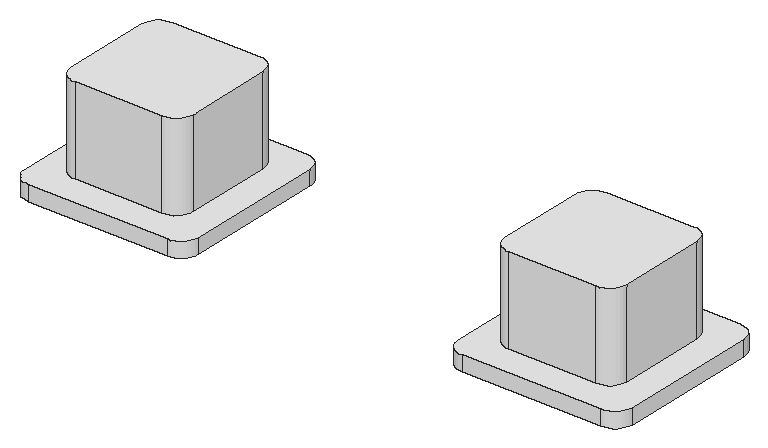
Revit family "6228.04-EPIC BLOC 3 PC WALL TOP ASSEMBLY", category Plumbing Fixtures, host Face, Revit 2015
Parameters (values of type "Chrome")
  Waste Connection = no
  WELSRating_ANZRS = "0"
  Vent Connection = no
  URL = "https://www.dorf.com.au/"
  Type Comments = "EPIC BLOC 3 PC WALL TOP ASSEMBLY"
  Model = "6228.04"
  Material_Handle = GWA_Metal-Chrome
  Material_ANZRS = GWA_Metal-Chrome
  Manufacturer = "GWA Bathrooms & Kitchens"  # constant formula
  HW Connection = yes
  Default Elevation = 0 mm
  CreatedBy_ANZRS = "GWA Bathrooms & Kitchens"
  CW Connection = yes
  Assembly Code = "D2020300"
Types (7, lengths in mm): name | Model | Material_Handle | Material_ANZRS
  (no name) | "6228.04" | GWA_Metal-Chrome | GWA_Metal-Chrome
  Chrome | "6228.04" | GWA_Metal-Chrome | GWA_Metal-Chrome
  Black | "6218.09" | GWA-Metal-Black | GWA-Metal-Black
  Chrome with Black Handle | "6218.49" | GWA-Metal-Black | GWA_Metal-Chrome
  Black with Gold Handle | "6218.92" | GWA-Metal-Gold | GWA-Metal-Black
  Black with Copper Handle | "6218.94" | GWA-Metal-Copper | GWA-Metal-Black
  Black with RoseGold Handle | "6218.93" | GWA-Metal-RoseGold | GWA-Metal-Black
Reference planes
  plane 1 "Center (Front/Back)": y = 0
  plane 2: z = 0
  plane 3 "Center (Left/Right)": x = 0
Forms (mm)
  Extrusion 1, solid, material "GWA_Metal-Chrome" <- "Material_ANZRS"
    sketch origin (230.886, -117.987, 0) x (1, 0, 0) y (0, 1, 0)
      loop
        arc (-329.886, 147.987) -> (-334.129, 146.23) -> (-335.886, 141.987) r 6
        line (-335.886, 141.987) -> (-335.886, 93.987)
        arc (-335.886, 93.987) -> (-334.129, 89.744) -> (-329.886, 87.987) r 6
        line (-329.886, 87.987) -> (-281.886, 87.987)
        arc (-281.886, 87.987) -> (-277.644, 89.744) -> (-275.886, 93.987) r 6
        line (-275.886, 93.987) -> (-275.886, 141.987)
        arc (-275.886, 141.987) -> (-277.644, 146.23) -> (-281.886, 147.987) r 6
        line (-281.886, 147.987) -> (-329.886, 147.987)
    from 0 to 5.2
  Extrusion 2, solid, material "GWA_Metal-Chrome" <- "Material_Handle"
    sketch origin (142.524, -115.842, 0) x (1, 0, 0) y (0, 1, 0)
      loop
        arc (-232.524, 136.842) -> (-236.766, 135.085) -> (-238.524, 130.842) r 6
        line (-238.524, 130.842) -> (-238.524, 100.842)
        arc (-238.524, 100.842) -> (-236.766, 96.6) -> (-232.524, 94.842) r 6
        line (-232.524, 94.842) -> (-202.524, 94.842)
        arc (-202.524, 94.842) -> (-198.281, 96.6) -> (-196.524, 100.842) r 6
        line (-196.524, 100.842) -> (-196.524, 130.842)
        arc (-196.524, 130.842) -> (-198.281, 135.085) -> (-202.524, 136.842) r 6
        line (-202.524, 136.842) -> (-232.524, 136.842)
    from 6.2 to 36.2
  Extrusion 3, solid, material "GWA_Metal-Chrome" <- "Material_ANZRS"
    sketch origin (380.886, -117.987, 0) x (1, 0, 0) y (0, 1, 0)
      loop
        arc (-329.886, 147.987) -> (-334.129, 146.23) -> (-335.886, 141.987) r 6
        line (-335.886, 141.987) -> (-335.886, 93.987)
        arc (-335.886, 93.987) -> (-334.129, 89.744) -> (-329.886, 87.987) r 6
        line (-329.886, 87.987) -> (-281.886, 87.987)
        arc (-281.886, 87.987) -> (-277.644, 89.744) -> (-275.886, 93.987) r 6
        line (-275.886, 93.987) -> (-275.886, 141.987)
        arc (-275.886, 141.987) -> (-277.644, 146.23) -> (-281.886, 147.987) r 6
        line (-281.886, 147.987) -> (-329.886, 147.987)
    from 0 to 5.2
  Extrusion 4, solid, material "GWA_Metal-Chrome" <- "Material_Handle"
    sketch origin (292.524, -115.842, 0) x (1, 0, 0) y (0, 1, 0)
      loop
        arc (-232.524, 136.842) -> (-236.766, 135.085) -> (-238.524, 130.842) r 6
        line (-238.524, 130.842) -> (-238.524, 100.842)
        arc (-238.524, 100.842) -> (-236.766, 96.6) -> (-232.524, 94.842) r 6
        line (-232.524, 94.842) -> (-202.524, 94.842)
        arc (-202.524, 94.842) -> (-198.281, 96.6) -> (-196.524, 100.842) r 6
        line (-196.524, 100.842) -> (-196.524, 130.842)
        arc (-196.524, 130.842) -> (-198.281, 135.085) -> (-202.524, 136.842) r 6
        line (-202.524, 136.842) -> (-232.524, 136.842)
    from 6.2 to 36.2
Lines and regions (mm)
  symbolic lines
    curve 1: line (-99, 30, 0) -> (-51, 30, 0)
    curve 2: arc (-51, 30, 0) -> (-46.757, 28.243, 0) -> (-45, 24, 0) r 6
    curve 3: line (-45, 24, 0) -> (-45, -24, 0)
    curve 4: arc (-45, -24, 0) -> (-46.757, -28.243, 0) -> (-51, -30, 0) r 6
    curve 5: line (-51, -30, 0) -> (-99, -30, 0)
    curve 6: arc (-99, -30, 0) -> (-103.243, -28.243, 0) -> (-105, -24, 0) r 6
    curve 7: line (-105, -24, 0) -> (-105, 24, 0)
    curve 8: arc (-105, 24, 0) -> (-103.243, 28.243, 0) -> (-99, 30, 0) r 6
    curve 9: line (-90, 21, 0) -> (-60, 21, 0)
    curve 10: arc (-60, 21, 0) -> (-55.757, 19.243, 0) -> (-54, 15, 0) r 6
    curve 11: line (-54, 15, 0) -> (-54, -15, 0)
    curve 12: arc (-54, -15, 0) -> (-55.757, -19.243, 0) -> (-60, -21, 0) r 6
    curve 13: line (-60, -21, 0) -> (-90, -21, 0)
    curve 14: arc (-90, -21, 0) -> (-94.243, -19.243, 0) -> (-96, -15, 0) r 6
    curve 15: line (-96, -15, 0) -> (-96, 15, 0)
    curve 16: arc (-96, 15, 0) -> (-94.243, 19.243, 0) -> (-90, 21, 0) r 6
    curve 17: line (51, 30, 0) -> (99, 30, 0)
    curve 18: arc (99, 30, 0) -> (103.243, 28.243, 0) -> (105, 24, 0) r 6
    curve 19: line (105, 24, 0) -> (105, -24, 0)
    curve 20: arc (105, -24, 0) -> (103.243, -28.243, 0) -> (99, -30, 0) r 6
    curve 21: line (99, -30, 0) -> (51, -30, 0)
    curve 22: arc (51, -30, 0) -> (46.757, -28.243, 0) -> (45, -24, 0) r 6
    curve 23: line (45, -24, 0) -> (45, 24, 0)
    curve 24: arc (45, 24, 0) -> (46.757, 28.243, 0) -> (51, 30, 0) r 6
    curve 25: line (60, 21, 0) -> (90, 21, 0)
    curve 26: arc (90, 21, 0) -> (94.243, 19.243, 0) -> (96, 15, 0) r 6
    curve 27: line (96, 15, 0) -> (96, -15, 0)
    curve 28: arc (96, -15, 0) -> (94.243, -19.243, 0) -> (90, -21, 0) r 6
    curve 29: line (90, -21, 0) -> (60, -21, 0)
    curve 30: arc (60, -21, 0) -> (55.757, -19.243, 0) -> (54, -15, 0) r 6
    curve 31: line (54, -15, 0) -> (54, 15, 0)
    curve 32: arc (54, 15, 0) -> (55.757, 19.243, 0) -> (60, 21, 0) r 6
    curve 33: line (-96, 0, 36.2) -> (-54, 0, 36.2)
    curve 34: line (-54, 0, 36.2) -> (-54, 0, 6.2)
    curve 35: line (-54, 0, 6.2) -> (-96, 0, 6.2)
    curve 36: line (-96, 0, 6.2) -> (-96, 0, 36.2)
    curve 37: line (-105, 0, 5.2) -> (-45, 0, 5.2)
    curve 38: line (-45, 0, 5.2) -> (-45, 0, 0)
    curve 39: line (-45, 0, 0) -> (-105, 0, 0)
    curve 40: line (-105, 0, 0) -> (-105, 0, 5.2)
    curve 41: line (45, 0, 5.2) -> (105, 0, 5.2)
    curve 42: line (105, 0, 5.2) -> (105, 0, 0)
    curve 43: line (105, 0, 0) -> (45, 0, 0)
    curve 44: line (45, 0, 0) -> (45, 0, 5.2)
    curve 45: line (54, 0, 36.2) -> (96, 0, 36.2)
    curve 46: line (96, 0, 36.2) -> (96, 0, 6.2)
    curve 47: line (96, 0, 6.2) -> (54, 0, 6.2)
    curve 48: line (54, 0, 6.2) -> (54, 0, 36.2)
    curve 49: line (0, 30, 5.2) -> (0, -30, 5.2)
    curve 50: line (0, -30, 5.2) -> (0, -30, 0)
    curve 51: line (0, -30, 0) -> (0, 30, 0)
    curve 52: line (0, 30, 0) -> (0, 30, 5.2)
    curve 53: line (0, 21, 36.2) -> (0, -21, 36.2)
    curve 54: line (0, -21, 36.2) -> (0, -21, 6.2)
    curve 55: line (0, -21, 6.2) -> (0, 21, 6.2)
    curve 56: line (0, 21, 6.2) -> (0, 21, 36.2)
Dimensions and locks
  aligned and locked: plane 2 to host face
  aligned and locked: level to host face
Connectors
  piping at (-75, 0, 0), diameter 20
    settings: on Extrusion 1, index 1, connector inside diameter 609.6 mm, connector length 0 mm, flow factor 0, pipe flow 0.0 L/s, pressure drop 0.0 Pa, fitting loss kfactor 0, connector angle 0.00°, fixture units 0, engagement length 0 mm, angle of deflection 0.00°, flow configuration 0, flow direction 1, fitting loss method 0, system type 19, joint type 0, gender type 0, connector reference index -1, connector utility 0, adjustable connector no, is connector primary yes, connector description ""
  piping at (75, 0, 0), diameter 20
    settings: on Extrusion 3, index 2, connector inside diameter 609.6 mm, connector length 0 mm, flow factor 0, pipe flow 0.0 L/s, pressure drop 0.0 Pa, fitting loss kfactor 0, connector angle 0.00°, fixture units 0, engagement length 0 mm, angle of deflection 0.00°, flow configuration 0, flow direction 1, fitting loss method 0, system type 20, joint type 0, gender type 0, connector reference index -1, connector utility 0, adjustable connector no, is connector primary no, connector description ""
